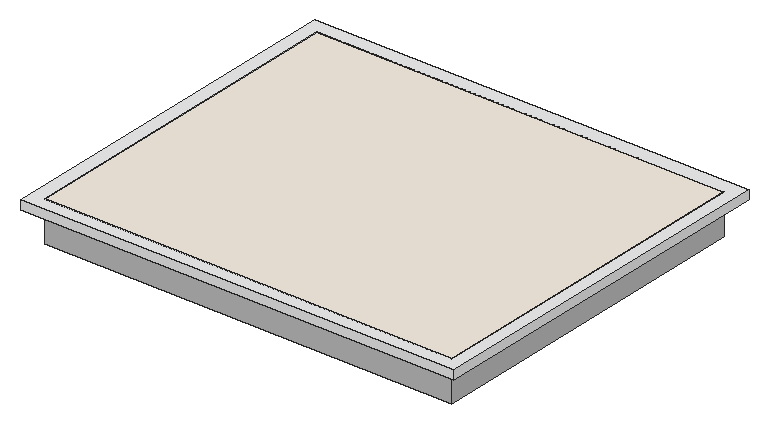
Revit family "Lighting-Industrial-GEWISS-ELIA-HL-LED_HIGHBAY", category Apparecchi per illuminazione, host Superficie, Revit 2019 (continued)
Types (12, lengths in mm): name | Weight (kg): | Weight (kg) | Voltage | Technical sheet | System power | Optic | built-in parameter 1150142 | Lumen output (lm) | Model | IDT | File diagramma fotometrico | Description
    258.26 5068.28 4883.13 4706.03 4537.78 4378.39 \r\n4227.86 4087.79 3954.16 3822.95 3694.95 3569.37 3447.82 \r\n3332.70 3222.42 3116.96 3015.53 2917.32 2821.53 2731.37 \r\n2644.43 2558.29 2473.77 2392.46 2311.96 2232.27 2154.18 \r\n2080.12 2007.67 1937.63 1869.21 1799.98 1731.56 1663.13 \r\n1595.43 1526.68 1459.30 1394.90 1333.40 1274.72 1219.82 \r\n1170.23 1123.62 1078.30 1034.67 992.24 951.35 912.71 \r\n875.36 838.49 801.94 765.47 729.41 693.91 659.94 628.30 \r\n598.68 571.07 544.82 519.39 494.35 469.15 444.92 422.95 \r\n402.26 382.21 362.81 343.57 324.82 306.87 289.88 274.34 \r\n259.45 244.48 230.07 216.46 203.42 190.87 179.03 167.92 \r\n157.22 146.34 135.43 124.31 113.36 102.90 92.91 83.52 \r\n74.60 66.02 57.82 49.99 42.59 35.71 29.29 23.21 17.73 \r\n13.13 9.33 6.40 4.34 3.17 2.88 \r\n8062.88 8064.49 8065.29 8066.90 8069.32 8072.54 8075.76 \r\n8079.78 8083.81 8088.64 8093.47 8099.91 8106.35 8113.59 \r\n8121.64 8129.69 8137.74 8145.79 8153.84 8162.70 8171.55 \r\n8180.41 8190.07 8198.12 8207.78 8215.83 8224.68 8232.73 \r\n8240.78 8247.22 8253.66 8260.10 8264.13 8267.35 8269.76 \r\n8270.57 8270.57 8268.96 8265.74 8261.71 8254.47 8246.42 \r\n8236.76 8224.68 8211.00 8194.90 8177.99 8158.67 8136.13 \r\n8111.98 8083.81 8055.63 8023.43 7988.82 7950.98 7909.93 \r\n7864.85 7815.74 7762.61 7703.85 7640.25 7571.02 7496.16 \r\n7414.05 7325.50 7229.70 7126.66 7018.79 6904.48 6785.34 \r\n6658.96 6523.72 6378.82 6222.65 6051.18 5859.59 5658.34 \r\n5459.51 5262.28 5069.89 4883.93 4705.22 4537.78 4378.39 \r\n4230.27 4091.01 3958.99 3825.36 3696.56 3572.59 3453.45 \r\n3337.53 3225.64 3117.77 3014.73 2914.91 2819.92 2728.95 \r\n2640.40 2554.27 2470.55 2389.24 2309.55 2230.66 2152.57 \r\n2078.51 2006.87 1936.83 1867.60 1799.98 1731.56 1663.93 \r\n1595.67 1527.25 1459.63 1393.62 1330.67 1272.71 1218.85 \r\n1169.58 1123.22 1078.06 1034.59 992.40 951.67 913.11 \r\n875.76 838.97 802.42 765.56 729.17 693.35 658.97 627.18 \r\n597.55 570.50 544.66 519.39 494.51 469.31 445.08 423.35 \r\n402.82 382.86 363.54 344.38 325.86 308.07 291.25 275.63 \r\n260.74 245.53 230.71 216.79 203.50 191.03 179.19 168.25 \r\n157.53 146.67 135.73 124.47 113.38 102.88 92.91 83.54 \r\n74.64 66.00 57.75 49.89 42.48 35.60 29.19 23.10 17.63 \r\n13.07 9.32 6.40 4.33 3.16 2.87 \r\n8062.88 8064.49 8065.29 8066.90 8069.32 8072.54 8075.76 \r\n8079.78 8083.00 8087.83 8093.47 8099.91 8106.35 8113.59 \r\n8120.84 8128.89 8136.94 8145.79 8153.84 8162.70 8171.55 \r\n8180.41 8189.26 8198.12 8206.97 8216.63 8224.68 8232.73 \r\n8239.98 8247.22 8253.66 8259.30 8263.32 8266.54 8269.76 \r\n8271.37 8270.57 8268.96 8265.74 8260.91 8254.47 8246.42 \r\n8235.95 8224.68 8211.00 8195.70 8178.80 8158.67 8136.94 \r\n8112.79 8085.42 8056.44 8024.24 7990.43 7952.59 7910.73 \r\n7866.46 7818.16 7765.03 7707.07 7643.47 7574.24 7498.57 \r\n7417.27 7329.52 7232.92 7129.88 7021.21 6906.09 6786.15 \r\n6659.76 6525.33 6381.23 6225.06 6055.21 5863.62 5663.98 \r\n5463.53 5264.70 5070.69 4883.13 4705.22 4536.17 4379.20 \r\n4232.69 4094.23 3962.21 3828.58 3698.17 3576.62 3458.28 \r\n3341.56 3228.86 3118.57 3013.92 2914.10 2818.31 2724.93 \r\n2636.38 2550.24 2467.33 2386.83 2307.93 2229.05 2151.77 \r\n2077.71 2004.45 1934.42 1865.99 1798.37 1730.75 1663.13 \r\n1595.83 1527.57 1459.79 1392.33 1328.09 1270.77 1217.88 \r\n1168.94 1122.65 1077.73 1034.51 992.48 951.99 913.59 \r\n876.24 839.45 802.99 765.80 728.93 692.78 658.09 626.29 \r\n596.75 570.02 544.58 519.47 494.67 469.48 445.33 423.67 \r\n403.39 383.50 364.34 345.26 326.91 309.20 292.46 276.92 \r\n261.87 246.41 231.28 217.03 203.58 191.19 179.43 168.41 \r\n157.82 146.97 135.99 124.61 113.38 102.87 92.91 83.58 \r\n74.68 65.99 57.68 49.80 42.38 35.50 29.09 22.99 17.52 \r\n13.01 9.31 6.39 4.32 3.15 2.86 \r\n8062.88 8064.49 8066.10 8067.71 8069.32 8072.54 8075.76 \r\n8079.78 8083.81 8088.64 8093.47 8099.10 8106.35 8113.59 \r\n8121.64 8129.69 8137.74 8145.79 8153.84 8162.70 8171.55 \r\n8179.60 8189.26 8198.12 8206.97 8215.83 8223.88 8231.93 \r\n8239.98 8247.22 8253.66 8259.30 8263.32 8267.35 8269.76 \r\n8270.57 8270.57 8268.96 8266.54 8261.71 8255.27 8247.22 \r\n8236.76 8224.68 8211.00 8196.51 8179.60 8159.48 8137.74 \r\n8113.59 8086.22 8057.24 8025.85 7990.43 7952.59 7912.34 \r\n7867.26 7818.96 7766.64 7708.68 7645.08 7575.85 7500.18 \r\n7418.88 7331.13 7234.53 7131.49 7022.01 6906.90 6787.76 \r\n6660.57 6526.13 6382.04 6226.67 6057.62 5867.64 5668.00 \r\n5466.75 5267.11 5070.69 4882.32 4703.61 4535.37 4380.00 \r\n4234.30 4097.45 3965.43 3830.19 3699.78 3579.03 3462.31 \r\n3346.39 3232.08 3120.99 3012.31 2912.49 2816.70 2722.51 \r\n2632.35 2547.02 2464.91 2384.41 2305.52 2228.24 2150.96 \r\n2076.09 2002.84 1933.61 1865.19 1796.76 1729.95 1663.13 \r\n1595.83 1527.73 1459.79 1391.12 1325.84 1269.00 1217.08 \r\n1168.30 1122.17 1077.41 1034.34 992.65 952.40 914.00 \r\n876.65 839.94 803.47 766.04 728.85 692.30 657.52 625.57 \r\n596.18 569.62 544.66 519.55 494.83 469.72 445.49 424.07 \r\n403.95 384.15 364.91 346.15 327.88 310.25 293.58 277.97 \r\n262.83 247.14 231.84 217.35 203.75 191.27 179.60 168.73 \r\n158.07 147.21 136.18 124.69 113.38 102.85 92.91 83.60 \r\n74.72 65.99 57.62 49.72 42.29 35.41 29.01 22.90 17.44 \r\n12.95 9.30 6.38 4.31 3.14 2.85 \r\n8062.88 8064.49 8066.10 8067.71 8069.32 8072.54 8075.76 \r\n8078.98 8083.81 8088.64 8093.47 8099.91 8106.35 8114.40 \r\n8120.84 8128.89 8136.94 8144.99 8154.65 8162.70 8170.75 \r\n8180.41 8188.46 8198.12 8207.78 8215.83 8223.88 8231.93 \r\n8239.98 8246.42 8254.47 8259.30 8264.13 8267.35 8268.96 \r\n8270.57 8270.57 8268.96 8265.74 8260.91 8254.47 8246.42 \r\n8236.76 8223.88 8211.00 8196.51 8180.41 8159.48 8138.55 \r\n8112.79 8085.42 8058.05 8025.85 7990.43 7953.40 7911.54 \r\n7868.07 7819.77 7766.64 7708.68 7645.89 7576.66 7500.99 \r\n7420.49 7331.94 7235.34 7132.30 7022.82 6906.90 6787.76 \r\n6658.96 6525.33 6382.04 6225.87 6056.82 5868.45 5670.42 \r\n5467.56 5266.31 5071.50 4881.52 4702.81 4533.76 4379.20 \r\n4235.91 4099.06 3967.04 3831.80 3701.39 3582.25 3466.33 \r\n3348.80 3234.49 3121.79 3012.31 2910.88 2815.89 2720.90 \r\n2629.13 2543.80 2461.69 2382.80 2303.91 2226.63 2149.35 \r\n2075.29 2002.84 1932.00 1864.38 1796.76 1729.14 1663.13 \r\n1595.83 1527.89 1459.79 1390.07 1324.06 1267.55 1216.36 \r\n1167.89 1121.85 1077.25 1034.26 992.73 952.64 914.32 \r\n876.97 840.42 803.87 766.20 728.85 692.14 657.04 625.16 \r\n595.70 569.46 544.66 519.71 494.91 469.80 445.81 424.40 \r\n404.27 384.63 365.47 346.79 328.60 311.05 294.47 278.85 \r\n263.56 247.78 232.16 217.51 203.83 191.43 179.68 168.89 \r\n158.26 147.38 136.32 124.76 113.38 102.85 92.91 83.62 \r\n74.75 65.99 57.59 49.65 42.21 35.34 28.95 22.83 17.36 \r\n12.91 9.28 6.38 4.30 3.13 2.85 \r\n" | "16100" | "GWF1001ML840" | "6986bd88-00b9-4bd3-89d6-08f1468882c4" | "GWF1001ML840.IES" | "ELIA HL M2 90° 4000K S.ALONE DALI"
